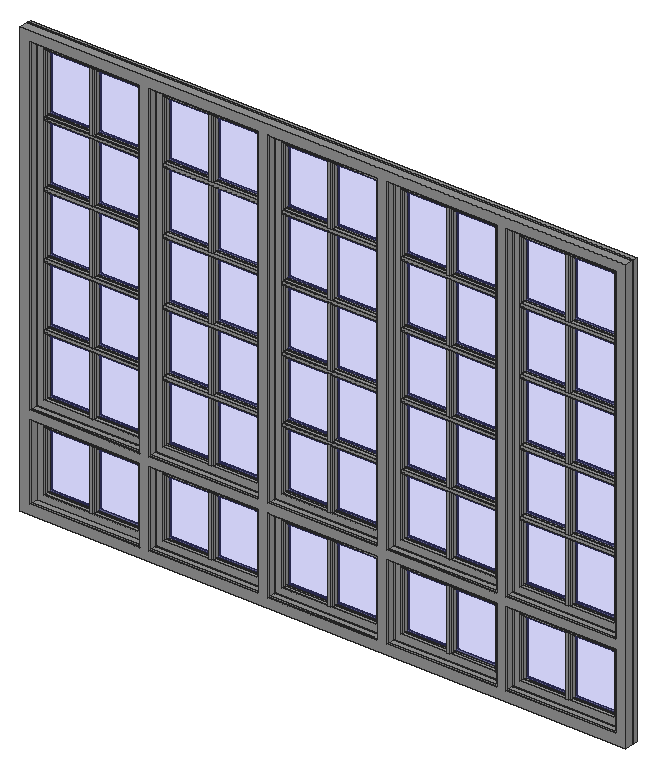
Revit family "MA5SPS", category Windows, host Wall, Revit 2015 (continued)
Automatic sketch dimensions
  Sweep 107 sketch curve to Sweep 107 sketch curve = 1.197 mm
  plane 6 "Head" to Sweep 108 sketch curve = 29 mm
  plane 11 to Sweep 108 sketch curve = 29 mm
  Sweep 108 sketch curve to plane 13 = 29 mm
  Sweep 108 sketch curve to plane 3 "Left" = 29 mm
  Sweep 108 sketch curve to profile plane = 0 mm
  profile plane to Sweep 108 sketch curve = 5 mm  (x2)
  Sweep 108 sketch curve to profile plane = 1 mm
  Sweep 108 sketch curve to profile plane = 10 mm
  Sweep 108 sketch curve to profile plane = 12 mm
  Sweep 108 sketch curve to Sweep 108 sketch curve = 2 mm  (x2)
  Sweep 108 sketch curve to profile plane = 8 mm
  Sweep 108 sketch curve to Sweep 108 sketch curve = 29 mm
  Sweep 108 sketch curve to Sweep 108 sketch curve = 0 mm
  Sweep 108 sketch curve to Sweep 108 sketch curve = 6 mm
  Sweep 108 sketch curve to Sweep 108 sketch curve = 3 mm  (x2)
  Sweep 108 sketch curve to Sweep 108 sketch curve = 4 mm
  Sweep 108 sketch curve to Sweep 108 sketch curve = 5 mm
  Sweep 108 sketch curve to Sweep 108 sketch curve = 0.536 mm
  Sweep 108 sketch curve to profile plane = 2.536 mm
  Sweep 108 sketch curve to profile plane = 2 mm
  Sweep 108 sketch curve to Sweep 108 sketch curve = 14 mm
  plane 11 to Sweep 109 sketch curve = 15 mm
  Sweep 109 sketch curve to plane 5 "Sill" = 29 mm
  Sweep 109 sketch curve to plane 13 = 29 mm
  Sweep 109 sketch curve to plane 3 "Left" = 29 mm
  Sweep 109 sketch curve to profile plane = 0 mm
  profile plane to Sweep 109 sketch curve = 5 mm  (x2)
  Sweep 109 sketch curve to profile plane = 1 mm
  Sweep 109 sketch curve to profile plane = 10 mm
  Sweep 109 sketch curve to profile plane = 2 mm
  Sweep 109 sketch curve to Sweep 109 sketch curve = 2 mm  (x3)
  Sweep 109 sketch curve to profile plane = 14 mm
  Sweep 109 sketch curve to Sweep 109 sketch curve = 29 mm
  Sweep 109 sketch curve to Sweep 109 sketch curve = 0 mm
  Sweep 109 sketch curve to Sweep 109 sketch curve = 6 mm
  Sweep 109 sketch curve to Sweep 109 sketch curve = 3 mm  (x2)
  Sweep 109 sketch curve to Sweep 109 sketch curve = 4 mm
  Sweep 109 sketch curve to Sweep 109 sketch curve = 5 mm
  Sweep 109 sketch curve to Sweep 109 sketch curve = 0.536 mm  (x2)
  Sweep 109 sketch curve to Sweep 109 sketch curve = 14 mm
  Extrusion 110 sketch curve to plane 10 = 0 mm  (x8)
  Extrusion 110 sketch curve to Extrusion 110 sketch curve = 25 mm  (x4)
  Extrusion 110 sketch curve to plane 10 = 8 mm  (x8)
  Extrusion 110 sketch curve to Extrusion 110 sketch curve = 6 mm  (x8)
  Extrusion 110 sketch curve to Extrusion 110 sketch curve = 3 mm  (x12)
  plane 11 to Extrusion 110 sketch curve = 316.012 mm
  Extrusion 110 sketch curve to Extrusion 110 sketch curve = 0 mm  (x4)
  Extrusion 110 sketch curve to Extrusion 110 sketch curve = 13 mm  (x6)
  Extrusion 110 sketch curve to Extrusion 110 sketch curve = 235 mm  (x3)
  Extrusion 110 sketch curve to Extrusion 110 sketch curve = 9 mm  (x2)
  Extrusion 111 sketch curve to plane 10 = 0 mm  (x2)
  Extrusion 111 sketch curve to plane 10 = 8 mm
  Extrusion 111 sketch curve to plane 3 "Left" = 255.189 mm
  Extrusion 111 sketch curve to Extrusion 111 sketch curve = 3 mm  (x3)
  Extrusion 111 sketch curve to Extrusion 111 sketch curve = 9 mm
  Extrusion 111 sketch curve to Extrusion 111 sketch curve = 6 mm  (x2)
  Extrusion 111 sketch curve to Extrusion 111 sketch curve = 13 mm  (x2)
  Extrusion 111 sketch curve to host wall = 9.5 mm
  Extrusion 111 sketch curve to Extrusion 111 sketch curve = 25 mm
  Extrusion 112 sketch curve to plane 10 = 0 mm  (x2)
  Extrusion 112 sketch curve to plane 10 = 8 mm
  Extrusion 112 sketch curve to plane 3 "Left" = 255.189 mm
  Extrusion 112 sketch curve to Extrusion 112 sketch curve = 3 mm  (x3)
  Extrusion 112 sketch curve to Extrusion 112 sketch curve = 9 mm
  Extrusion 112 sketch curve to Extrusion 112 sketch curve = 6 mm  (x2)
  Extrusion 112 sketch curve to Extrusion 112 sketch curve = 13 mm  (x2)
  Extrusion 112 sketch curve to host wall = 9.5 mm
  Extrusion 112 sketch curve to Extrusion 112 sketch curve = 25 mm
  Extrusion 113 sketch curve to plane 10 = 0 mm  (x2)
  Extrusion 113 sketch curve to plane 10 = 8 mm
  Extrusion 113 sketch curve to plane 3 "Left" = 255.189 mm
  Extrusion 113 sketch curve to Extrusion 113 sketch curve = 3 mm  (x3)
  Extrusion 113 sketch curve to Extrusion 113 sketch curve = 9 mm
  Extrusion 113 sketch curve to Extrusion 113 sketch curve = 6 mm  (x2)
  Extrusion 113 sketch curve to Extrusion 113 sketch curve = 13 mm  (x2)
  Extrusion 113 sketch curve to host wall = 9.5 mm
  Extrusion 113 sketch curve to Extrusion 113 sketch curve = 25 mm
  Extrusion 114 sketch curve to plane 10 = 0 mm  (x2)
  Extrusion 114 sketch curve to plane 10 = 8 mm
  Extrusion 114 sketch curve to plane 3 "Left" = 255.189 mm
  Extrusion 114 sketch curve to Extrusion 114 sketch curve = 3 mm  (x3)
  Extrusion 114 sketch curve to Extrusion 114 sketch curve = 9 mm
  Extrusion 114 sketch curve to Extrusion 114 sketch curve = 6 mm  (x2)
  Extrusion 114 sketch curve to Extrusion 114 sketch curve = 13 mm  (x2)
  Extrusion 114 sketch curve to host wall = 9.5 mm
  Extrusion 114 sketch curve to Extrusion 114 sketch curve = 25 mm
  Extrusion 115 sketch curve to plane 10 = 0 mm  (x2)
  Extrusion 115 sketch curve to plane 10 = 8 mm
  Extrusion 115 sketch curve to plane 3 "Left" = 255.189 mm
  Extrusion 115 sketch curve to Extrusion 115 sketch curve = 3 mm  (x3)
  Extrusion 115 sketch curve to Extrusion 115 sketch curve = 9 mm
  Extrusion 115 sketch curve to Extrusion 115 sketch curve = 6 mm  (x2)
  Extrusion 115 sketch curve to Extrusion 115 sketch curve = 13 mm  (x2)
  Extrusion 115 sketch curve to host wall = 9.5 mm
  Extrusion 115 sketch curve to Extrusion 115 sketch curve = 25 mm
  Extrusion 116 sketch curve to plane 10 = 0 mm  (x2)
  Extrusion 116 sketch curve to plane 10 = 8 mm
  Extrusion 116 sketch curve to plane 3 "Left" = 255.189 mm
  Extrusion 116 sketch curve to Extrusion 116 sketch curve = 3 mm  (x3)
  Extrusion 116 sketch curve to Extrusion 116 sketch curve = 9 mm
  Extrusion 116 sketch curve to Extrusion 116 sketch curve = 6 mm  (x2)
  Extrusion 116 sketch curve to Extrusion 116 sketch curve = 13 mm  (x2)
  Extrusion 116 sketch curve to host wall = 9.5 mm
  Extrusion 116 sketch curve to Extrusion 116 sketch curve = 25 mm
  Extrusion 117 sketch curve to Extrusion 117 sketch curve = 13 mm
  Extrusion 117 sketch curve to Extrusion 117 sketch curve = 0 mm
  Sweep 118 sketch curve to profile plane = 0 mm
  Sweep 118 sketch curve to profile plane = 0.241 mm
  Sweep 118 sketch curve to Sweep 118 sketch curve = 6.759 mm
  Sweep 118 sketch curve to Sweep 118 sketch curve = 2 mm  (x2)
  profile plane to Sweep 118 sketch curve = 6.4 mm
  Sweep 118 sketch curve to Sweep 118 sketch curve = 1.197 mm
  Sweep 119 sketch curve to profile plane = 0 mm
  Sweep 119 sketch curve to profile plane = 0.241 mm
  Sweep 119 sketch curve to Sweep 119 sketch curve = 6.759 mm
  Sweep 119 sketch curve to Sweep 119 sketch curve = 2 mm  (x2)
  profile plane to Sweep 119 sketch curve = 6.4 mm
  Sweep 119 sketch curve to Sweep 119 sketch curve = 1.197 mm
  Sweep 120 sketch curve to profile plane = 0 mm
  Sweep 120 sketch curve to profile plane = 0.241 mm
  Sweep 120 sketch curve to Sweep 120 sketch curve = 6.759 mm
  Sweep 120 sketch curve to Sweep 120 sketch curve = 2 mm  (x2)
  profile plane to Sweep 120 sketch curve = 6.4 mm
  Sweep 120 sketch curve to Sweep 120 sketch curve = 1.197 mm
  Sweep 121 sketch curve to profile plane = 0 mm
  Sweep 121 sketch curve to profile plane = 0.241 mm
  Sweep 121 sketch curve to Sweep 121 sketch curve = 6.759 mm
  Sweep 121 sketch curve to Sweep 121 sketch curve = 2 mm  (x2)
  profile plane to Sweep 121 sketch curve = 6.4 mm
  Sweep 121 sketch curve to Sweep 121 sketch curve = 1.197 mm
  Sweep 122 sketch curve to profile plane = 0 mm
  Sweep 122 sketch curve to profile plane = 0.241 mm
  Sweep 122 sketch curve to Sweep 122 sketch curve = 6.759 mm
  Sweep 122 sketch curve to Sweep 122 sketch curve = 2 mm  (x2)
  profile plane to Sweep 122 sketch curve = 6.4 mm
  Sweep 122 sketch curve to Sweep 122 sketch curve = 1.197 mm
  Sweep 123 sketch curve to profile plane = 0 mm
  Sweep 123 sketch curve to profile plane = 0.241 mm
  Sweep 123 sketch curve to Sweep 123 sketch curve = 6.759 mm
  Sweep 123 sketch curve to Sweep 123 sketch curve = 2 mm  (x2)
  profile plane to Sweep 123 sketch curve = 6.4 mm
  Sweep 123 sketch curve to Sweep 123 sketch curve = 1.197 mm
  Sweep 124 sketch curve to profile plane = 0 mm
  Sweep 124 sketch curve to profile plane = 0.241 mm
  Sweep 124 sketch curve to Sweep 124 sketch curve = 6.759 mm
  Sweep 124 sketch curve to Sweep 124 sketch curve = 2 mm  (x2)
  profile plane to Sweep 124 sketch curve = 6.4 mm
  Sweep 124 sketch curve to Sweep 124 sketch curve = 1.197 mm
  Sweep 125 sketch curve to profile plane = 0 mm
  Sweep 125 sketch curve to profile plane = 0.241 mm
  Sweep 125 sketch curve to Sweep 125 sketch curve = 6.759 mm
  Sweep 125 sketch curve to Sweep 125 sketch curve = 2 mm  (x2)
  profile plane to Sweep 125 sketch curve = 6.4 mm
  Sweep 125 sketch curve to Sweep 125 sketch curve = 1.197 mm
  Sweep 126 sketch curve to profile plane = 0 mm
  Sweep 126 sketch curve to profile plane = 0.241 mm
  Sweep 126 sketch curve to Sweep 126 sketch curve = 6.759 mm
  Sweep 126 sketch curve to Sweep 126 sketch curve = 2 mm  (x2)
  profile plane to Sweep 126 sketch curve = 6.4 mm
  Sweep 126 sketch curve to Sweep 126 sketch curve = 1.197 mm
  Sweep 127 sketch curve to profile plane = 0 mm
  Sweep 127 sketch curve to profile plane = 0.241 mm
  Sweep 127 sketch curve to Sweep 127 sketch curve = 6.759 mm
  Sweep 127 sketch curve to Sweep 127 sketch curve = 2 mm  (x2)
  profile plane to Sweep 127 sketch curve = 6.4 mm
  Sweep 127 sketch curve to Sweep 127 sketch curve = 1.197 mm
  Sweep 128 sketch curve to profile plane = 0 mm
  Sweep 128 sketch curve to profile plane = 0.241 mm
  Sweep 128 sketch curve to Sweep 128 sketch curve = 6.759 mm
  Sweep 128 sketch curve to Sweep 128 sketch curve = 2 mm  (x2)
  profile plane to Sweep 128 sketch curve = 6.4 mm
  Sweep 128 sketch curve to Sweep 128 sketch curve = 1.197 mm
  Sweep 129 sketch curve to profile plane = 0 mm
  Sweep 129 sketch curve to profile plane = 0.241 mm
  Sweep 129 sketch curve to Sweep 129 sketch curve = 6.759 mm
  Sweep 129 sketch curve to Sweep 129 sketch curve = 2 mm  (x2)
  profile plane to Sweep 129 sketch curve = 6.4 mm
  Sweep 129 sketch curve to Sweep 129 sketch curve = 1.197 mm
  plane 6 "Head" to curve 2 = 730.418 mm
